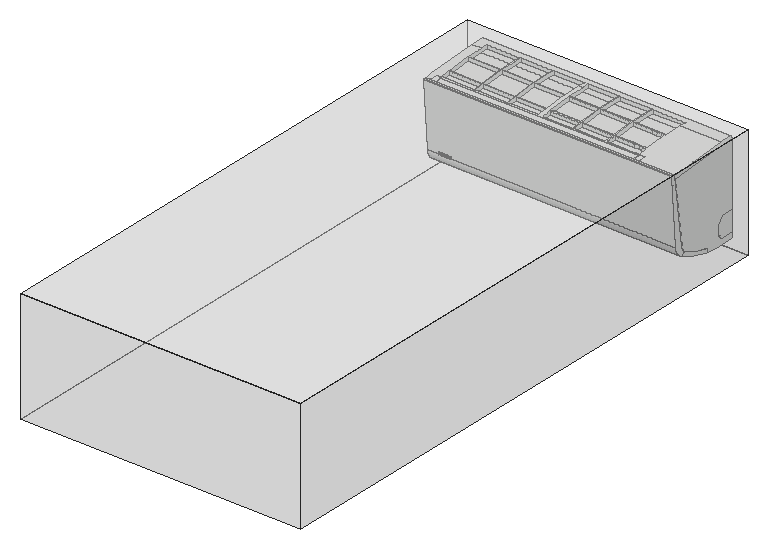
Revit family "outputfile", category 機械設備, Revit 2024
Family settings
  丸型コネクタ寸法 = 半径を使用
  パーツ タイプ = 標準
  OmniClass 番号 = 23.75.10.24.21.27.27
  OmniClass タイトル = Split System Air Conditioning Units
  作業面ベース = いいえ
  常に垂直 = はい
  ロード時にボイドで切り取り = いいえ
  注釈の向きを維持 = いいえ
  共有 = いいえ
  部屋計算ポイント = いいえ
Parameters (values of type "FTKF35DVA")
  Description = ""
  書き出し IFC クラス(タイプ) = "IfcUnitaryEquipmentType"
  定義済み IFC タイプ(タイプ) = "AIRCONDITIONINGUNIT"
  Cost = 0
  Type Comments = ""
  Keynote = ""
  Type Image = (empty or 0)
  Assembly Code = ""
  switch_frequency = yes
  lw_connection [instance] = if(Width = 730.0 mm, 85.0 mm, if(Width = 770.0 mm, 48.0 mm, 60.0 mm))  # 48.0 mm
  製造元 = "Daikin"
  モデル = "FTKF35DVA"
  r_Liquid Pipe Size = Liquid Pipe Size / 2  # 3.2 mm
  r_Gas Pipe Size = Gas Pipe Size / 2  # 4.75 mm
  r_Drain Pipe Size = Drain Pipe Size / 2  # 9.55 mm
  lw_powersupply [instance] = if(Width = 730.0 mm, if(or(Rear Right Connection_refrigerant, Bottom Right Connection_refrigerant), 65.0 mm, if(or(Rear Left Connection_refrigerant, Bottom Left Connection_refrigerant), 695.0 mm, 400.0 mm)), if(Width = 770.0 mm, if(or(Rear Right Connection_refrigerant, Bottom Right Connection_refrigerant), 68.0 mm, if(or(Rear Left Connection_refrigerant, Bottom Left Connection_refrigerant), 705.0 mm, 400.0 mm)), if(or(Rear Right Connection_refrigerant, Bottom Right Connection_refrigerant), 83.0 mm, if(or(Rear Left Connection_refrigerant, Bottom Left Connection_refrigerant), 928.0 mm, 400.0 mm))))  # 400.0 mm
  lw_liquidpipe [instance] = if(Width = 730.0 mm, if(or(Rear Right Connection_refrigerant, Bottom Right Connection_refrigerant), 0.0 mm, if(or(Rear Left Connection_refrigerant, Bottom Left Connection_refrigerant), 582.0 mm, 473.0 mm)), if(Width = 770.0 mm, if(or(Rear Right Connection_refrigerant, Bottom Right Connection_refrigerant), 0.0 mm, if(or(Rear Left Connection_refrigerant, Bottom Left Connection_refrigerant), 682.0 mm, 385.0 mm)), if(or(Rear Right Connection_refrigerant, Bottom Right Connection_refrigerant), 10.0 mm, if(or(Rear Left Connection_refrigerant, Bottom Left Connection_refrigerant), 858.0 mm, 435.0 mm))))  # 385.0 mm
  lw_gaspipe [instance] = if(Width = 730.0 mm, if(or(Rear Right Connection_refrigerant, Bottom Right Connection_refrigerant), 0.0 mm, if(or(Rear Left Connection_refrigerant, Bottom Left Connection_refrigerant), 576.0 mm, 428.0 mm)), if(Width = 770.0 mm, if(or(Rear Right Connection_refrigerant, Bottom Right Connection_refrigerant), 0.0 mm, if(or(Rear Left Connection_refrigerant, Bottom Left Connection_refrigerant), 675.0 mm, 335.0 mm)), if(or(Rear Right Connection_refrigerant, Bottom Right Connection_refrigerant), 0.0 mm, if(or(Rear Left Connection_refrigerant, Bottom Left Connection_refrigerant), 851.0 mm, 400.0 mm))))  # 335.0 mm
  lw_drainpipe [instance] = if(Width = 730.0 mm, if(or(Rear Right Connection_refrigerant, Bottom Right Connection_refrigerant), 0.0 mm, if(or(Rear Left Connection_refrigerant, Bottom Left Connection_refrigerant), 590.0 mm, 488.0 mm)), if(Width = 770.0 mm, if(or(Rear Right Connection_refrigerant, Bottom Right Connection_refrigerant), 0.0 mm, if(or(Rear Left Connection_refrigerant, Bottom Left Connection_refrigerant), 695.0 mm, 440.0 mm)), if(or(Rear Right Connection_refrigerant, Bottom Right Connection_refrigerant), 0.0 mm, if(or(Rear Left Connection_refrigerant, Bottom Left Connection_refrigerant), 888.0 mm, 475.0 mm))))  # 440.0 mm
  l_powersupply_length [instance] = if(Width = 730.0 mm, if(Right Connection_refrigerant, 400.0 mm, if(Left Connection_refrigerant, 330.0 mm, if(or(Bottom Left Connection_refrigerant, Bottom Right Connection_refrigerant), 57.0 mm, if(or(Rear Left Connection_refrigerant, Rear Right Connection_refrigerant), 15.0 mm, 50.0 mm)))), if(Width = 770.0 mm, if(Right Connection_refrigerant, 400.0 mm, if(Left Connection_refrigerant, 370.0 mm, if(or(Bottom Left Connection_refrigerant, Bottom Right Connection_refrigerant), 57.0 mm, if(or(Rear Left Connection_refrigerant, Rear Right Connection_refrigerant), 15.0 mm, 50.0 mm)))), if(Right Connection_refrigerant, 400.0 mm, if(Left Connection_refrigerant, 590.0 mm, if(or(Bottom Left Connection_refrigerant, Bottom Right Connection_refrigerant), 57.0 mm, if(or(Rear Left Connection_refrigerant, Rear Right Connection_refrigerant), 15.0 mm, 50.0 mm))))))  # 400.0 mm
  l_liquidpipe_length [instance] = if(Width = 730.0 mm, if(Right Connection_refrigerant, 558.0 mm, if(Left Connection_refrigerant, 172.0 mm, if(or(Bottom Left Connection_refrigerant, Bottom Right Connection_refrigerant), 48.0 mm, if(or(Rear Left Connection_refrigerant, Rear Right Connection_refrigerant), 30.0 mm, 40.0 mm)))), if(Width = 770.0 mm, if(Right Connection_refrigerant, 433.0 mm, if(Left Connection_refrigerant, 337.0 mm, if(or(Bottom Left Connection_refrigerant, Bottom Right Connection_refrigerant), 48.0 mm, if(or(Rear Left Connection_refrigerant, Rear Right Connection_refrigerant), 30.0 mm, 40.0 mm)))), if(Right Connection_refrigerant, 495.0 mm, if(Left Connection_refrigerant, 495.0 mm, if(or(Bottom Left Connection_refrigerant, Bottom Right Connection_refrigerant), 48.0 mm, if(or(Rear Left Connection_refrigerant, Rear Right Connection_refrigerant), 30.0 mm, 40.0 mm))))))  # 433.0 mm
  l_gaspipe_length [instance] = if(Width = 730.0 mm, if(Right Connection_refrigerant, 513.0 mm, if(Left Connection_refrigerant, 217.0 mm, if(or(Bottom Left Connection_refrigerant, Bottom Right Connection_refrigerant), 57.0 mm, if(or(Rear Left Connection_refrigerant, Rear Right Connection_refrigerant), 40.0 mm, 50.0 mm)))), if(Width = 770.0 mm, if(Right Connection_refrigerant, 383.0 mm, if(Left Connection_refrigerant, 387.0 mm, if(or(Bottom Left Connection_refrigerant, Bottom Right Connection_refrigerant), 57.0 mm, if(or(Rear Left Connection_refrigerant, Rear Right Connection_refrigerant), 40.0 mm, 50.0 mm)))), if(Right Connection_refrigerant, 460.0 mm, if(Left Connection_refrigerant, 530.0 mm, if(or(Bottom Left Connection_refrigerant, Bottom Right Connection_refrigerant), 57.0 mm, if(or(Rear Left Connection_refrigerant, Rear Right Connection_refrigerant), 40.0 mm, 50.0 mm))))))  # 383.0 mm
  l_drainpipe_length [instance] = if(Width = 730.0 mm, if(Right Connection_refrigerant, 573.0 mm, if(Left Connection_refrigerant, 157.0 mm, if(or(Bottom Left Connection_refrigerant, Bottom Right Connection_refrigerant), 35.0 mm, if(or(Rear Left Connection_refrigerant, Rear Right Connection_refrigerant), 15.0 mm, 20.0 mm)))), if(Width = 770.0 mm, if(Right Connection_refrigerant, 488.0 mm, if(Left Connection_refrigerant, 282.0 mm, if(or(Bottom Left Connection_refrigerant, Bottom Right Connection_refrigerant), 35.0 mm, if(or(Rear Left Connection_refrigerant, Rear Right Connection_refrigerant), 15.0 mm, 20.0 mm)))), if(Right Connection_refrigerant, 535.0 mm, if(Left Connection_refrigerant, 455.0 mm, if(or(Bottom Left Connection_refrigerant, Bottom Right Connection_refrigerant), 35.0 mm, if(or(Rear Left Connection_refrigerant, Rear Right Connection_refrigerant), 15.0 mm, 20.0 mm))))))  # 488.0 mm
  h*** = 0.0 mm  # constant formula
  connector_voltage = Voltage_60Hz  # 220 V
  connector_powerinput = [Power Input (Cooling)]  # 0.000 kW
  connector_phase = Phase_60Hz  # 1
  angle_vertical [instance] = if(or(Bottom Left Connection_refrigerant, Bottom Right Connection_refrigerant), 0.00°, 90.00°)  # 90.00°
  angle_horizontal [instance] = if(Right Connection_refrigerant, 90.00°, if(Left Connection_refrigerant, -90.00°, if(or(Rear Left Connection_refrigerant, Rear Right Connection_refrigerant), 180.00°, 0.00°)))  # 90.00°
  Width = 770.0 mm
  Voltage_comment_60Hz = "220"
  Voltage_60Hz = 220 V
  Version = "ver.1.0"
  Unit Type = "Wall Mounted"
  Unit Mass Weight = 9.00 kg
  Unit Designation [instance] = ""
  Uniclass2015Version = "Products v1.30"
  Uniclass2015Title = "Split coil room air conditioning units"
  Uniclass2015Code = "Pr_70_65_03_86"
  URL = ""
  Total Cooling Capacity [instance] = 0.000 kW
  Sound Pressure Level_M speed (dBA) = 34
  Sound Pressure Level_L speed (dBA) = 26
  Sound Pressure Level_H speed (dBA) = 39
  Sound Power Level_H speed (dB) = 0
  Series = "Single Split_Fan Coil Unit"
  Sensible Cooling Capacity [instance] = 0.000 kW
  Refrigerant Type = "R32"
  Power Input (Cooling) = 0.000 kW
  Phase_60Hz = 1
  Option Accessory 3 [instance] = ""
  Option Accessory 2 [instance] = ""
  Option Accessory 1 [instance] = ""
  Nominal Cooling Capacity = 3.600 kW
  Minimum Circuit Amps_60Hz = 0.0 A
  Minimum Airflow = 425.00 m³/h
  Median Airflow = 561.00 m³/h
  Maximum Fuse Amps_60Hz = 0.0 A
  Maximum Airflow = 680.00 m³/h
  Material_Casing = DAIKIN_White_Casing_indoorunit
  Load Classification = HVAC
  Liquid Pipe Size = 6.4 mm
  Link_Nested Family [instance] = ""
  IfcVersion = ""
  IfcExportType = "AIRCONDITIONINGUNIT"
  IfcExportAs = "IfcUnitaryEquipmentType"
  Height = 288.0 mm
  Heat Exchanger Type = "Cross Fin Coil"
  Gas Pipe Size = 9.5 mm
  Frequency_60Hz = 60 Hz
  Fan Type = "Cross Flow Fan"
  Fan Drive = "Direct Drive"
  FCU Tag No. [instance] = ""
  Drain Pipe Size = 19.1 mm
  Design Supply Airflow [instance] = 0.00 m³/h
  Depth = 234.0 mm
  既定の高さ = 0.0 mm
  Cooling Entering Wet Bulb Temperature [instance] = 0.00 °C
  Cooling Entering Dry Bulb Temperature [instance] = 0.00 °C
  Cooling Ambient Wet Bulb Temperature [instance] = 0.00 °C
  Cooling Ambient Dry Bulb Temperature [instance] = 0.00 °C
  Clearance visibility [instance] = yes
  Clearance Top = 30.0 mm
  Clearance Right = 50.0 mm
  Clearance Rear = 0.0 mm
  Clearance Left = 50.0 mm
  Clearance Front = 1500.0 mm
  Clearance Bottom = 30.0 mm
  Bottom Right Connection_refrigerant [instance] = no
  Bottom Left Connection_refrigerant [instance] = no
  Rear Right Connection_refrigerant [instance] = no
  Rear Left Connection_refrigerant [instance] = no
  Right Connection_refrigerant [instance] = yes
  Left Connection_refrigerant [instance] = no
Reference planes
  plane 1 "Back": y = 0
  plane 2: z = 0
  plane 3 "Center (Left/Right)": x = 0
  plane 4 "Center (Front/Back)": y = -117
  plane 5 "Front": y = -234
  plane 6 "Left": x = -385
  plane 7 "Right": x = 385
  plane 8 "Top": z = 0
  plane 9 "Bottom": z = -288
  plane 10 "Front panel_Left": x = -383
  plane 11 "Front panel_Right": x = 383
  plane 12: x = 249
  plane 13: x = 244
  plane 14: x = -435
  plane 15: x = 435
  plane 16: y = 0
  plane 17: y = -213
  plane 18: z = 30
  plane 19: z = -318
  plane 20 "lw_Piping and Wiring intake": x = 337
  plane 21 "lw_gaspipe": x = 2
  plane 22 "lw_liquidpipe": x = -48
  plane 23 "lw_drainpipe": x = -103
  plane 24 "lh_drainpipe": z = -253
  plane 25 "lh_liquidpipe": z = -240
  plane 26 "lh_gaspipe": z = -231
  plane 27 "ld_drainpipe": y = -15
  plane 28 "ld_liquidpipe": y = -30
  plane 29 "ld_gaspipe": y = -40
  plane 30 "lw_powersupply": x = -15
  plane 31: y = -1734
Dimensions and locks
  equal spacing: plane 6 "Left", plane 3 "Center (Left/Right)", plane 7 "Right"
  "Width": plane 6 "Left" to plane 7 "Right"
  equal spacing: plane 5 "Front", plane 4 "Center (Front/Back)", plane 1 "Back"
  "Depth": plane 5 "Front" to plane 1 "Back"
  "Height": plane 8 "Top" to plane 9 "Bottom"
  locked: plane 10 "Front panel_Left" to plane 6 "Left" at 2
  locked: plane 7 "Right" to plane 11 "Front panel_Right" at 2
  locked: plane 7 "Right" to plane 12 at 136
  locked: plane 12 to plane 13 at 5
  "Clearance Rear": plane 16 to plane 1 "Back"
  "Clearance Top": plane 18 to plane 8 "Top"
  "Clearance Bottom": plane 9 "Bottom" to plane 19
  "lw_connection": plane 20 "lw_Piping and Wiring intake" to plane 7 "Right"
  "lw_gaspipe": plane 21 "lw_gaspipe" to plane 20 "lw_Piping and Wiring intake"
  "lw_liquidpipe": plane 22 "lw_liquidpipe" to plane 20 "lw_Piping and Wiring intake"
  "lw_drainpipe": plane 23 "lw_drainpipe" to plane 20 "lw_Piping and Wiring intake"
  locked: plane 24 "lh_drainpipe" to plane 9 "Bottom" at 35
  locked: plane 25 "lh_liquidpipe" to plane 9 "Bottom" at 48
  locked: plane 26 "lh_gaspipe" to plane 9 "Bottom" at 57
  locked: plane 27 "ld_drainpipe" to plane 1 "Back" at 15
  locked: plane 1 "Back" to plane 28 "ld_liquidpipe" at 30
  locked: plane 1 "Back" to plane 29 "ld_gaspipe" at 40
  "lw_powersupply": plane 30 "lw_powersupply" to plane 7 "Right"
  "Clearance Right": plane 7 "Right" to plane 15
  "Clearance Left": plane 14 to plane 6 "Left"
  "Clearance Front": plane 5 "Front" to plane 31
  aligned and locked: level to plane 2
  aligned and locked: plane 16 to nested 1
  aligned and locked: nested 1 to plane 14
  aligned and locked: nested 1 to plane 15
  aligned and locked: plane 19 to nested 1
  aligned and locked: plane 18 to nested 1
  aligned and locked: plane 21 "lw_gaspipe" to nested 2
  aligned and locked: nested 2 to plane 29 "ld_gaspipe"
  aligned and locked: plane 22 "lw_liquidpipe" to nested 3
  aligned and locked: nested 3 to plane 28 "ld_liquidpipe"
  aligned and locked: plane 23 "lw_drainpipe" to nested 4
  aligned and locked: nested 4 to plane 27 "ld_drainpipe"
  aligned and locked: nested 5 to plane 27 "ld_drainpipe"
  aligned and locked: plane 30 "lw_powersupply" to nested 5
  aligned and locked: level to plane 8 "Top"
  aligned and locked: nested 1 to plane 31
Nested families
  nested 1: "daikin_clearancespace" at (0, -867, -143.881), show <- "Clearance visibility", visible <- "Clearance visibility", Link_Nested Family <- "Link_Nested Family", type "daikin_clearancespace"
    with width 870.0 mm, show yes, height 348.0 mm, depth 1734.0 mm, Link_Nested Family ""
  nested 2: "daikin_connector_rotate3" at (2, -40, -231), angle_vertical <- "angle_vertical", angle_horizontal <- "angle_horizontal", length <- "l_gaspipe_length", radius <- "r_Gas Pipe Size", type "daikin_connector_rotate3"
    with show no, radius 4.75 mm, length 383.0 mm, angle_vertical 90.00°, angle_horizontal 90.00°
  nested 3: "daikin_connector_rotate3" at (-48, -30, -240), angle_vertical <- "angle_vertical", angle_horizontal <- "angle_horizontal", radius <- "r_Liquid Pipe Size", length <- "l_liquidpipe_length", type "daikin_connector_rotate3"
    with show no, radius 3.2 mm, length 433.0 mm, angle_vertical 90.00°, angle_horizontal 90.00°
  nested 4: "daikin_connector_rotate3" at (-103, -15, -253), angle_vertical <- "angle_vertical", angle_horizontal <- "angle_horizontal", length <- "l_drainpipe_length", radius <- "r_Drain Pipe Size", type "daikin_connector_rotate3"
    with show no, radius 9.55 mm, length 488.0 mm, angle_vertical 90.00°, angle_horizontal 90.00°
  nested 5: "daikin_connector_rotate3" at (-15, -15, -231), angle_vertical <- "angle_vertical", angle_horizontal <- "angle_horizontal", length <- "l_powersupply_length", type "daikin_connector_rotate3"
    with show no, radius 10.0 mm, length 400.0 mm, angle_vertical 90.00°, angle_horizontal 90.00°
  nested 6: "DAIKIN_indoorunit_FTKF-DVA" at (-31, 0, 0), type "FTKF-DVA"
    with switch_unit1_35-50 yes, switch_unit1_20-25 no, Width 770.0 mm, WALL HOLE-R 48.0 mm, Height 288.0 mm
Connectors
  piping at (385, -40, -231), diameter 9.5, driven by "r_Gas Pipe Size"
    settings: on nested 2, index 1, connector inside diameter 609.6 mm, connector length 0.0 mm, flow factor 0, pipe flow 0.00 m³/h, pressure drop 0.0 Pa, fitting loss kfactor 0, connector angle 0.00°, fixture units 0, engagement length 0.0 mm, angle of deflection 0.00°, flow configuration 1, flow direction 2, fitting loss method 0, system type 29, joint type 0, gender type 0, connector reference index -1, connector utility 0, adjustable connector no, is connector primary yes, connector description "Refrigerant Gas Piping"
  piping at (385, -30, -240), diameter 6.4, driven by "r_Liquid Pipe Size"
    settings: on nested 3, index 2, connector inside diameter 609.6 mm, connector length 0.0 mm, flow factor 0, pipe flow 0.00 m³/h, pressure drop 0.0 Pa, fitting loss kfactor 0, connector angle 0.00°, fixture units 0, engagement length 0.0 mm, angle of deflection 0.00°, flow configuration 1, flow direction 1, fitting loss method 0, system type 29, joint type 0, gender type 0, connector reference index -1, connector utility 0, adjustable connector no, is connector primary no, connector description "Refrigerant Liquid Piping"
  piping at (385, -15, -253), diameter 19.1, driven by "r_Drain Pipe Size"
    settings: on nested 4, index 3, connector inside diameter 609.6 mm, connector length 0.0 mm, flow factor 0, pipe flow 0.00 m³/h, pressure drop 0.0 Pa, fitting loss kfactor 0, connector angle 0.00°, fixture units 0, engagement length 0.0 mm, angle of deflection 0.00°, flow configuration 1, flow direction 2, fitting loss method 4, system type 16, joint type 0, gender type 0, connector reference index -1, connector utility 0, adjustable connector no, is connector primary no, connector description "Condensate Drain Piping"
  electrical at (385, -15, -231), driven by "Load Classification", driven by "connector_voltage", driven by "connector_phase", driven by "connector_powerinput"
    settings: on nested 5, index 4, voltage 220 V, apparent load 0 VA, apparent load phase1 0 VA, apparent load phase2 0 VA, apparent load phase3 0 VA, power factor 1, load classification "HVAC", number of poles 1, system type 30, power factor state 1, is connector primary yes, connector utility no, sub classification motor no, connector description "Power Supply"
Definition of nested family "daikin_clearancespace"
  Parameters (values of type "daikin_clearancespace")
    Description = "daikin_clearancespace"
    width [instance] = 1823.963 mm
    show [instance] = yes
    material = none
    height [instance] = 1359.762 mm
    depth [instance] = 880.0 mm
    Default Elevation = 0.0 mm
    Link_Nested Family [instance] = ""
  Reference planes
    plane 1 "Center (Front/Back)": y = 0
    plane 2 "Center (Elevation)": z = -0.119
    plane 3 "Center (Left/Right)": x = 0
    plane 4: y = 440
    plane 5: y = -440
    plane 6 "Right": x = 911.982
    plane 7 "Left": x = -911.982
    plane 8 "Top": z = 679.762
    plane 9 "Bottom": z = -680
  Forms (mm)
    Extrusion 1, solid, material <- "material", visible <- "show"
      sketch origin (0, 0, 0) x (1, 0, 0) y (0, 1, 0)
        loop
          line (-911.982, 440) -> (-911.982, -440) -> (911.982, -440) -> (911.982, 440) -> (-911.982, 440)
      from -680 to 679.762
  Lines and regions (mm)
    symbolic lines, visible <- "show"
      curve 1: line (911.982, 440, 0) -> (-911.982, 440, 0)
      curve 2: line (-911.982, 440, 0) -> (-911.982, -440, 0)
      curve 3: line (-911.982, -440, 0) -> (911.982, -440, 0)
      curve 4: line (911.982, -440, 0) -> (911.982, 440, 0)
      curve 5: line (911.982, 0, 679.762) -> (-911.982, 0, 679.762)
      curve 6: line (911.982, 0, -680) -> (911.982, 0, 679.762)
      curve 7: line (-911.982, 0, -680) -> (911.982, 0, -680)
      curve 8: line (-911.982, 0, 679.762) -> (-911.982, 0, -680)
      curve 9: line (0, 440, 679.762) -> (0, -440, 679.762)
      curve 10: line (0, -440, 679.762) -> (0, -440, -680)
      curve 11: line (0, 440, -680) -> (0, 440, 679.762)
      curve 12: line (0, -440, -680) -> (0, 440, -680)
  Dimensions and locks
    "width": plane 7 "Left" to plane 6 "Right"
    "depth": plane 4 to plane 5
    "height": plane 8 "Top" to plane 9 "Bottom"
    equal spacing: plane 7 "Left", plane 3 "Center (Left/Right)", plane 6 "Right"
    equal spacing: plane 4, plane 1 "Center (Front/Back)", plane 5
    equal spacing: plane 8 "Top", plane 2 "Center (Elevation)", plane 9 "Bottom"
    aligned and locked: level to plane 2 "Center (Elevation)"
    aligned and locked: Extrusion 1 sketch curve to plane 4
    aligned and locked: plane 7 "Left" to Extrusion 1 sketch curve
    aligned and locked: Extrusion 1 sketch curve to plane 5
    aligned and locked: Extrusion 1 sketch curve to plane 6 "Right"
    aligned and locked: plane 8 "Top" to Extrusion 1
    aligned and locked: curve 1 to Extrusion 1
    aligned and locked: curve 2 to Extrusion 1
    aligned and locked: curve 3 to Extrusion 1
    aligned and locked: curve 4 to Extrusion 1
    aligned and locked: curve 5 to Extrusion 1
    aligned and locked: curve 6 to Extrusion 1
    aligned and locked: curve 7 to Extrusion 1
    aligned and locked: curve 8 to Extrusion 1
    aligned and locked: curve 9 to Extrusion 1
    aligned and locked: curve 10 to Extrusion 1
    aligned and locked: curve 11 to Extrusion 1
    aligned and locked: curve 12 to Extrusion 1
    aligned and locked: Extrusion 1 to plane 9 "Bottom"
Definition of nested family "DAIKIN_indoorunit_FTKF-DVA"
  Parameters (values of type "FTKF-DVA")
    switch_unit1_60-71 = Width = 990.0 mm  # no
    switch_unit1_35-50 = Width = 770.0 mm  # no
    switch_unit1_20-25 = Width = 730.0 mm  # yes
    Width = 730.0 mm
    WALL HOLE-R = if(Width = 730.0 mm, 79.0 mm, 48.0 mm)  # 79.0 mm
    Material_Casing = none
    Height = if(Width = 730.0 mm, 280.0 mm, if(Width = 770.0 mm, 288.0 mm, 297.0 mm))  # 280.0 mm
    Default Elevation = 0.0 mm
  Reference planes
    plane 1 "Center (Front/Back)": y = 0
    plane 2 "reference_level": z = 0
    plane 3 "Center (Left/Right)": x = 31
    plane 4: x = -334
    plane 5: x = 396
    plane 6: z = -280
  Forms (mm)
    Extrusion 1, solid, material <- "Material_Casing", visible <- "switch_unit1_20-25"
      sketch origin (31, 0, 0) x (0, 1, 0) y (0, 0, 1)
        loop
          line (-109.519, -8) -> (-2.596, -8) -> (-8.198, 0) -> (-109.608, 0)
          arc (-109.608, 0) -> (-157.226, -5.2) -> (-202.599, -20.555) r 220.623
          line (-202.599, -20.555) -> (-202.447, -29.25)
          arc (-202.447, -29.25) -> (-157.182, -13.38) -> (-109.519, -8) r 213.82
      from -365 to 365
    Extrusion 2, solid, material <- "Material_Casing", visible <- "switch_unit1_20-25"
      sketch origin (416, 1304.033, 1200.206) x (0, 1, 0) y (0, 0, 1)
        loop
          arc (-1496.513, -1423.164) -> (-1487.225, -1434.204) -> (-1476.373, -1443.711) r 95
          arc (-1476.373, -1443.711) -> (-1448.371, -1461.92) -> (-1418.191, -1476.232) r 250
          line (-1418.191, -1476.232) -> (-1418.191, -1465.318)
          arc (-1418.191, -1465.318) -> (-1445.052, -1452.134) -> (-1470.063, -1435.711) r 240
          arc (-1470.063, -1435.711) -> (-1477.766, -1429.186) -> (-1484.641, -1421.794) r 85
          line (-1484.641, -1421.794) -> (-1496.513, -1423.164)
      from -20 to -177
    Extrusion 3, solid, material <- "Material_Casing", visible <- "switch_unit1_20-25"
      sketch origin (31, 0, 0) x (0, 1, 0) y (0, 0, 1)
        loop
          line (-202.769, -10.816) -> (-211.618, -13.692)
          arc (-211.618, -13.692) -> (-212.628, -14.432) -> (-213, -15.629) r 2
          line (-213, -15.629) -> (-210.348, -167.5)
          arc (-210.348, -167.5) -> (-206.029, -195.818) -> (-193.465, -221.562) r 95
          line (-193.465, -221.562) -> (-181.653, -220.199)
          arc (-181.653, -220.199) -> (-195.31, -195.356) -> (-200.037, -167.403) r 85
          line (-200.037, -167.403) -> (-202.769, -10.816)
      from -365 to 365
    Extrusion 4, solid, material <- "Material_Casing", visible <- "switch_unit1_20-25"
      sketch origin (31, 0, 0) x (0, 1, 0) y (0, 0, 1)
        loop
          line (0, -280) -> (0, -11.707) -> (-2.596, -8) -> (-109.519, -8)
          arc (-109.519, -8) -> (-156.378, -13.198) -> (-200.959, -28.539) r 213.82
          line (-200.959, -28.539) -> (-198.537, -167.295)
          arc (-198.537, -167.295) -> (-189.766, -204.754) -> (-165.131, -234.305) r 83.5
          arc (-165.131, -234.305) -> (-139.841, -250.873) -> (-112.659, -264.109) r 238.5
          line (-112.659, -264.109) -> (-112.659, -276.338)
          arc (-112.659, -276.338) -> (-100.834, -279.079) -> (-88.731, -280) r 80
          line (-88.731, -280) -> (0, -280)
      from -365 to 365
    Extrusion 5, solid, material <- "Material_Casing", visible <- "switch_unit1_20-25"
      sketch origin (-354, 1304.033, 1200.206) x (0, 1, 0) y (0, 0, 1)
        loop
          arc (-1496.513, -1423.164) -> (-1487.225, -1434.204) -> (-1476.373, -1443.711) r 95
          arc (-1476.373, -1443.711) -> (-1448.371, -1461.92) -> (-1418.191, -1476.232) r 250
          line (-1418.191, -1476.232) -> (-1418.191, -1465.318)
          arc (-1418.191, -1465.318) -> (-1445.052, -1452.134) -> (-1470.063, -1435.711) r 240
          arc (-1470.063, -1435.711) -> (-1477.766, -1429.186) -> (-1484.641, -1421.794) r 85
          line (-1484.641, -1421.794) -> (-1496.513, -1423.164)
      from 72 to 20
    Extrusion 6, solid, material <- "Material_Casing", visible <- "switch_unit1_20-25"
      sketch origin (31, 7.782, 0.206) x (0, 1, 0) y (0, 0, 1)
        loop
          line (-188.39, -221.794) -> (-200.262, -223.164)
          arc (-200.262, -223.164) -> (-190.975, -234.204) -> (-180.122, -243.711) r 95
          arc (-180.122, -243.711) -> (-152.12, -261.92) -> (-121.941, -276.232) r 250
          line (-121.941, -276.232) -> (-121.941, -265.318)
          arc (-121.941, -265.318) -> (-148.801, -252.134) -> (-173.813, -235.711) r 240
          arc (-173.813, -235.711) -> (-181.515, -229.186) -> (-188.39, -221.794) r 85
      from 204 to -309
    Extrusion 7, void
      sketch origin (31, 0, -235) x (1, 0, 0) y (0, 1, 0)
        loop
          line (-324.633, -72.419) -> (-304, -73.5) -> (-234.9, -73.5) -> (-234.9, -24.5) -> (-324.633, -24.5) -> (-324.633, -72.419)
        loop
          line (-304, -74.9) -> (-324.633, -75.939) -> (-324.633, -139.819) -> (-304, -140.9) -> (-234.9, -140.9) -> (-234.9, -74.9) -> (-304, -74.9)
        loop
          line (-304, -142.3) -> (-324.633, -143.326) -> (-324.633, -182.209) -> (-300, -183.5) -> (-234.9, -183.5) -> (-234.9, -142.3) -> (-304, -142.3)
        loop
          line (-233.5, -142.3) -> (-233.5, -183.5) -> (-146.9, -183.5) -> (-146.9, -142.3) -> (-233.5, -142.3)
        loop
          line (-233.5, -140.9) -> (-146.9, -140.9) -> (-146.9, -74.9) -> (-233.5, -74.9) -> (-233.5, -140.9)
        loop
          line (-233.5, -73.5) -> (-146.9, -73.5) -> (-146.9, -24.5) -> (-233.5, -24.5) -> (-233.5, -73.5)
        loop
          line (-145.5, -73.5) -> (-74.9, -73.5) -> (-54.9, -72.452) -> (-54.9, -24.5) -> (-145.5, -24.5) -> (-145.5, -73.5)
        loop
          line (-145.5, -74.9) -> (-145.5, -140.9) -> (-74.9, -140.9) -> (-54.9, -139.852) -> (-54.9, -75.948) -> (-74.9, -74.9) -> (-145.5, -74.9)
        loop
          line (-145.5, -142.3) -> (-145.5, -183.5) -> (-74.9, -183.5) -> (-54.9, -182.452) -> (-54.9, -143.348) -> (-74.9, -142.3) -> (-145.5, -142.3)
        loop
          line (-53.5, -24.5) -> (-53.5, -72.452) -> (-33.5, -73.5) -> (36.5, -73.5) -> (36.5, -24.5) -> (-53.5, -24.5)
        loop
          line (-53.5, -75.948) -> (-53.5, -139.852) -> (-33.5, -140.9) -> (36.5, -140.9) -> (36.5, -74.9) -> (-33.5, -74.9) -> (-53.5, -75.948)
        loop
          line (-33.5, -142.3) -> (-53.5, -143.348) -> (-53.5, -182.452) -> (-33.5, -183.5) -> (36.5, -183.5) -> (36.5, -142.3) -> (-33.5, -142.3)
        loop
          line (37.9, -24.5) -> (37.9, -73.5) -> (124.9, -73.5) -> (124.9, -24.5) -> (37.9, -24.5)
        loop
          line (37.9, -74.9) -> (37.9, -140.9) -> (124.9, -140.9) -> (124.9, -74.9) -> (37.9, -74.9)
        loop
          line (37.9, -142.3) -> (37.9, -183.5) -> (124.9, -183.5) -> (124.9, -142.3) -> (37.9, -142.3)
        loop
          line (126.3, -24.5) -> (126.3, -73.5) -> (195.6, -73.5) -> (216, -72.431) -> (216, -24.5) -> (126.3, -24.5)
        loop
          line (126.3, -74.9) -> (126.3, -140.9) -> (198.5, -140.9) -> (216, -139.983) -> (216, -75.817) -> (198.5, -74.9) -> (126.3, -74.9)
        loop
          line (126.3, -142.3) -> (126.3, -183.5) -> (198.337, -183.5) -> (216, -182.623) -> (216, -143.217) -> (198.5, -142.3) -> (126.3, -142.3)
      from 201.638 to 250
    Extrusion 8, solid, material <- "Material_Casing"
      sketch origin (31, 0, 0) x (1, 0, 0) y (0, 0, 1)
        loop
          circle (286, -235) r 40
        loop
          circle (-317, -235) r 40
      from 0 to 5
    Extrusion 9, solid, material <- "Material_Casing", visible <- "switch_unit1_20-25"
      sketch origin (396, 1296.25, 1200) x (0, -1, 0) y (0, 0, 1)
        loop
          line (1326.25, -1413) -> (1296.25, -1413) -> (1296.25, -1473) -> (1326.25, -1473)
          arc (1326.25, -1473) -> (1340.393, -1467.142) -> (1346.25, -1453) r 20
          line (1346.25, -1453) -> (1346.25, -1433)
          arc (1346.25, -1433) -> (1340.393, -1418.858) -> (1326.25, -1413) r 20
      from 0 to 5
    Extrusion 10, solid, material <- "Material_Casing", visible <- "switch_unit1_20-25"
      sketch origin (-334, 1296.25, 1200) x (0, 1, 0) y (0, 0, 1)
        loop
          line (-1296.25, -1413) -> (-1326.25, -1413)
          arc (-1326.25, -1413) -> (-1340.393, -1418.858) -> (-1346.25, -1433) r 20
          line (-1346.25, -1433) -> (-1346.25, -1453)
          arc (-1346.25, -1453) -> (-1340.393, -1467.142) -> (-1326.25, -1473) r 20
          line (-1326.25, -1473) -> (-1296.25, -1473) -> (-1296.25, -1413)
      from 0 to 5
    Extrusion 11, solid, material <- "Material_Casing", visible <- "switch_unit1_20-25"
      sketch origin (11, 0, -285) x (-1, 0, 0) y (0, -1, 0)
        loop
          line (-279, 0) -> (-279, 30)
          arc (-279, 30) -> (-284.419, 43.081) -> (-297.5, 48.5) r 18.5
          line (-297.5, 48.5) -> (-320.5, 48.5)
          arc (-320.5, 48.5) -> (-333.581, 43.081) -> (-339, 30) r 18.5
          line (-339, 30) -> (-339, 0) -> (-279, 0)
        loop
          line (326, 0) -> (326, 30)
          arc (326, 30) -> (320.581, 43.081) -> (307.5, 48.5) r 18.5
          line (307.5, 48.5) -> (284.5, 48.5)
          arc (284.5, 48.5) -> (271.419, 43.081) -> (266, 30) r 18.5
          line (266, 30) -> (266, 0) -> (326, 0)
      from 10 to 5
    Extrusion 12, solid, material <- "Material_Casing", visible <- "switch_unit1_35-50"
      sketch origin (31, 0, 0) x (0, 1, 0) y (0, 0, 1)
        loop
          line (-5, 0) -> (-45.84, 0)
          arc (-45.84, 0) -> (-135.906, -3.965) -> (-225.275, -15.831) r 1024.823
          arc (-225.275, -15.831) -> (-224.639, -21.302) -> (-223.878, -26.758) r 241.564
          arc (-223.878, -26.758) -> (-135.207, -14.947) -> (-45.84, -11) r 1013.66
          line (-45.84, -11) -> (0, -11) -> (0, -9.02) -> (-5, 0)
      from -385 to 385
    Extrusion 13, solid, material <- "Material_Casing", visible <- "switch_unit1_35-50"
      sketch origin (31, 0, 0) x (0, 1, 0) y (0, 0, 1)
        loop
          arc (-226.673, -12.416) -> (-229.519, -12.929) -> (-232.363, -13.449) r 1025.776
          arc (-232.363, -13.449) -> (-233.586, -14.198) -> (-233.994, -15.573) r 2
          line (-233.994, -15.573) -> (-218.08, -217.408)
          arc (-218.08, -217.408) -> (-211.296, -237.286) -> (-195.807, -251.472) r 42.415
          line (-195.807, -251.472) -> (-186.556, -243.946)
          arc (-186.556, -243.946) -> (-193.981, -235.221) -> (-197.648, -224.366) r 30.386
          line (-197.648, -224.366) -> (-226.673, -12.416)
      from -385 to 385
    Extrusion 14, void
      sketch origin (33, 0, 0) x (1, 0, 0) y (0, 1, 0)
        loop
          line (-357.499, -23.5) -> (-357.499, -96.7) -> (-255.999, -96.7) -> (-255.999, -23.5) -> (-357.499, -23.5)
        loop
          line (-255.999, -99.1) -> (-357.499, -99.1) -> (-357.499, -170.1) -> (-255.999, -170.1) -> (-255.999, -99.1)
        loop
          line (-255.999, -171.7) -> (-357.499, -171.7) -> (-357.499, -201.7) -> (-255.999, -201.7) -> (-255.999, -171.7)
        loop
          line (-253.399, -23.5) -> (-253.399, -96.7) -> (-153.899, -96.7) -> (-153.899, -23.5) -> (-253.399, -23.5)
        loop
          line (-253.399, -99.1) -> (-253.399, -170.1) -> (-153.899, -170.1) -> (-153.899, -99.1) -> (-253.399, -99.1)
        loop
          line (-153.899, -171.7) -> (-253.399, -171.7) -> (-253.399, -201.7) -> (-153.899, -201.7) -> (-153.899, -171.7)
        loop
          line (-56.549, -23.5) -> (-151.299, -23.5) -> (-151.299, -96.7) -> (-56.549, -96.7) -> (-56.549, -23.5)
        loop
          line (-151.299, -99.1) -> (-151.299, -170.1) -> (-56.549, -170.1) -> (-56.549, -99.1) -> (-151.299, -99.1)
        loop
          line (-56.549, -171.7) -> (-151.299, -171.7) -> (-151.299, -201.7) -> (-56.549, -201.7) -> (-56.549, -171.7)
        loop
          line (50.301, -23.5) -> (-44.549, -23.5) -> (-44.549, -96.7) -> (50.301, -96.7) -> (50.301, -23.5)
        loop
          line (-44.549, -99.1) -> (-44.549, -170.1) -> (50.301, -170.1) -> (50.301, -99.1) -> (-44.549, -99.1)
        loop
          line (50.301, -171.7) -> (-44.549, -171.7) -> (-44.549, -201.7) -> (50.301, -201.7) -> (50.301, -171.7)
        loop
          line (52.901, -23.5) -> (52.901, -96.7) -> (152.401, -96.7) -> (152.401, -23.5) -> (52.901, -23.5)
        loop
          line (52.901, -99.1) -> (52.901, -170.1) -> (152.401, -170.1) -> (152.401, -99.1) -> (52.901, -99.1)
        loop
          line (52.901, -171.7) -> (52.901, -201.7) -> (152.401, -201.7) -> (152.401, -171.7) -> (52.901, -171.7)
        loop
          line (155.001, -23.5) -> (155.001, -96.7) -> (256.501, -96.7) -> (256.501, -23.5) -> (155.001, -23.5)
        loop
          line (155.001, -99.1) -> (155.001, -170.1) -> (217.501, -170.1) -> (229.501, -170.1) -> (241.501, -170.1) -> (256.501, -170.1) -> (256.501, -152.1) -> (256.501, -134.1) -> (256.501, -116.1) -> (256.501, -99.1) -> (241.501, -99.1) -> (229.501, -99.1) -> (217.501, -99.1) -> (155.001, -99.1)
        loop
          line (155.001, -171.7) -> (155.001, -201.7) -> (217.501, -201.7) -> (229.501, -201.7) -> (241.501, -201.7) -> (256.501, -201.7) -> (256.501, -171.7) -> (241.501, -171.7) -> (229.501, -171.7) -> (217.501, -171.7) -> (155.001, -171.7)
      from -40.013 to 47.268
    Extrusion 15, solid, material <- "Material_Casing", visible <- "switch_unit1_35-50"
      sketch origin (-356, 1308.25, 1200) x (0, 1, 0) y (0, 0, -1)
        loop
          line (-1407.524, 1473.254) -> (-1407.524, 1484.154)
          arc (-1407.524, 1484.154) -> (-1456.679, 1472.122) -> (-1503.106, 1451.987) r 299.52
          line (-1503.106, 1451.987) -> (-1494.032, 1444.604)
          arc (-1494.032, 1444.604) -> (-1451.915, 1462.363) -> (-1407.524, 1473.254) r 288.723
      from -2 to -49.5
    Extrusion 16, solid, material <- "Material_Casing", visible <- "switch_unit1_35-50"
      sketch origin (418, 1308.25, 1200) x (0, 1, 0) y (0, 0, 1)
        loop
          arc (-1407.524, -1473.254) -> (-1451.915, -1462.363) -> (-1494.032, -1444.604) r 288.723
          line (-1494.032, -1444.604) -> (-1503.106, -1451.987)
          arc (-1503.106, -1451.987) -> (-1456.679, -1472.122) -> (-1407.524, -1484.154) r 299.52
          line (-1407.524, -1484.154) -> (-1407.524, -1473.254)
      from -2 to -119.5
    Extrusion 17, solid, material <- "Material_Casing", visible <- "switch_unit1_35-50"
      sketch origin (418, 1308.25, 1200) x (0, 1, 0) y (0, 0, 1)
        loop
          line (-1407.524, -1484.154) -> (-1407.524, -1473.254)
          arc (-1407.524, -1473.254) -> (-1451.915, -1462.363) -> (-1494.032, -1444.604) r 288.723
          line (-1494.032, -1444.604) -> (-1503.106, -1451.987)
          arc (-1503.106, -1451.987) -> (-1456.679, -1472.122) -> (-1407.524, -1484.154) r 299.52
      from -119.5 to -724.5
    Extrusion 18, solid, material <- "Material_Casing", visible <- "switch_unit1_35-50"
      sketch origin (31, 0, -30) x (0, 1, 0) y (0, 0, 1)
        loop
          arc (-45.84, 19) -> (-135.218, 15.052) -> (-223.901, 3.238) r 1013.66
          line (-223.901, 3.238) -> (-196.855, -194.257)
          arc (-196.855, -194.257) -> (-192.985, -205.344) -> (-185.107, -214.052) r 29.589
          arc (-185.107, -214.052) -> (-142.926, -231.76) -> (-98.473, -242.568) r 288.081
          line (-98.473, -242.568) -> (-98.525, -254.271)
          arc (-98.525, -254.271) -> (-75.337, -257.066) -> (-52, -258) r 292.099
          line (-52, -258) -> (0, -258) -> (0, 19) -> (-45.84, 19)
      from -385 to 385
    Extrusion 19, solid, material <- "Material_Casing", visible <- "switch_unit1_35-50"
      sketch origin (416, 1296.25, 1200) x (0, -1, 0) y (0, 0, 1)
        loop
          line (1329.05, -1409.6) -> (1296.25, -1409.6) -> (1296.25, -1469.6) -> (1329.05, -1469.6)
          arc (1329.05, -1469.6) -> (1342.627, -1463.976) -> (1348.25, -1450.4) r 19.2
          line (1348.25, -1450.4) -> (1348.25, -1428.8)
          arc (1348.25, -1428.8) -> (1342.627, -1415.224) -> (1329.05, -1409.6) r 19.2
      from 0 to 5
    Extrusion 20, solid, material <- "Material_Casing", visible <- "switch_unit1_35-50"
      sketch origin (-349, 1296.25, 1200) x (0, -1, 0) y (0, 0, 1)
        loop
          line (1329.05, -1409.6) -> (1296.25, -1409.6) -> (1296.25, -1469.6) -> (1329.05, -1469.6)
          arc (1329.05, -1469.6) -> (1342.627, -1463.976) -> (1348.25, -1450.4) r 19.2
          line (1348.25, -1450.4) -> (1348.25, -1428.8)
          arc (1348.25, -1428.8) -> (1342.627, -1415.224) -> (1329.05, -1409.6) r 19.2
      from 0 to 5
    Extrusion 21, solid, material <- "Material_Casing", visible <- "switch_unit1_35-50"
      sketch origin (31, 200, -288) x (-1, 0, 0) y (0, -1, 0)
        loop
          line (369, 200) -> (369, 232)
          arc (369, 232) -> (363.142, 246.142) -> (349, 252) r 20
          line (349, 252) -> (329, 252)
          arc (329, 252) -> (314.858, 246.142) -> (309, 232) r 20
          line (309, 232) -> (309, 200) -> (369, 200)
        loop
          line (-369, 200) -> (-309, 200) -> (-309, 232)
          arc (-309, 232) -> (-314.858, 246.142) -> (-329, 252) r 20
          line (-329, 252) -> (-349, 252)
          arc (-349, 252) -> (-363.142, 246.142) -> (-369, 232) r 20
          line (-369, 232) -> (-369, 200)
      from 0 to 5
    Extrusion 22, void
      sketch origin (0, 0, 0) x (1, 0, 0) y (0, 1, 0)
        loop
          line (-308, -185.757) -> (-308, -202.769) -> (262, -202.769) -> (262, -185.757) -> (-308, -185.757)
      from -35 to 0
    Extrusion 23, solid, material <- "Material_Casing", visible <- "switch_unit1_20-25"
      sketch origin (0, 0, 0) x (1, 0, 0) y (0, 1, 0)
        loop
          line (-308, -185.757) -> (-308, -202.757) -> (-293, -202.757) -> (-293, -185.757) -> (-308, -185.757)
        loop
          line (262, -185.757) -> (247, -185.757) -> (247, -202.757) -> (262, -202.757) -> (262, -185.757)
      from -35 to 0
    Extrusion 24, solid, material <- "Material_Casing", visible <- "switch_unit1_20-25"
      sketch origin (0, 0, 0) x (1, 0, 0) y (0, 1, 0)
        loop
          line (-293, -190.757) -> (-293, -202.757) -> (247, -202.757) -> (247, -190.757) -> (203.171, -190.757) -> (203.171, -194.257)
          arc (203.171, -194.257) -> (202.732, -195.318) -> (201.671, -195.757) r 1.5
          line (201.671, -195.757) -> (180.129, -195.757)
          arc (180.129, -195.757) -> (179.068, -195.318) -> (178.629, -194.257) r 1.5
          line (178.629, -194.257) -> (178.629, -190.757) -> (46.421, -190.757) -> (46.421, -194.257)
          arc (46.421, -194.257) -> (45.982, -195.318) -> (44.921, -195.757) r 1.5
          line (44.921, -195.757) -> (23.379, -195.757)
          arc (23.379, -195.757) -> (22.318, -195.318) -> (21.879, -194.257) r 1.5
          line (21.879, -194.257) -> (21.879, -190.757) -> (-68.079, -190.757) -> (-68.079, -194.257)
          arc (-68.079, -194.257) -> (-68.518, -195.318) -> (-69.579, -195.757) r 1.5
          line (-69.579, -195.757) -> (-91.121, -195.757)
          arc (-91.121, -195.757) -> (-92.182, -195.318) -> (-92.621, -194.257) r 1.5
          line (-92.621, -194.257) -> (-92.621, -190.757) -> (-224.829, -190.757) -> (-224.829, -194.257)
          arc (-224.829, -194.257) -> (-225.268, -195.318) -> (-226.329, -195.757) r 1.5
          line (-226.329, -195.757) -> (-247.871, -195.757)
          arc (-247.871, -195.757) -> (-248.932, -195.318) -> (-249.371, -194.257) r 1.5
          line (-249.371, -194.257) -> (-249.371, -190.757) -> (-293, -190.757)
      from -35 to 0
    Extrusion 25, void
      sketch origin (31, 0, 0) x (0, 1, 0) y (0, 0, 1)
        loop
          line (-185.757, -13.903) -> (-185.757, 0) -> (-205.202, 0) -> (-205.202, -21.715)
          arc (-205.202, -21.715) -> (-195.563, -17.601) -> (-185.757, -13.903) r 245
        loop
          line (-205.202, -30.526) -> (-205.202, -35) -> (-185.757, -35) -> (-185.757, -22.404)
          arc (-185.757, -22.404) -> (-195.57, -26.249) -> (-205.202, -30.526) r 237
      from 231 to -339
    Extrusion 26, void
      sketch origin (0, 0, 0) x (1, 0, 0) y (0, 1, 0)
        loop
          line (-341.401, -199.9) -> (-342.412, -238.673) -> (306.373, -238.673)
          spline (306.373, -238.673) -> (306.288, -235.451) -> (306.202, -232.228) -> (306.116, -229.002) -> (306.031, -225.775) -> (305.945, -222.546) -> (305.859, -219.316) -> (305.774, -216.084) -> (305.688, -212.85) -> (305.602, -209.615) -> (305.517, -206.378) -> (305.431, -203.14) -> (305.345, -199.9)
          line (305.345, -199.9) -> (290.148, -199.9) -> (290.015, -203.69) -> (-326.04, -203.69) -> (-326.173, -199.9) -> (-341.401, -199.9)
      from 0 to -34.101
    Extrusion 27, solid, material <- "Material_Casing", visible <- "switch_unit1_35-50"
      sketch origin (0, 0, 0) x (1, 0, 0) y (0, 1, 0)
        loop
          line (-324.05, -226.673) -> (-324.05, -203.69) -> (-326.04, -203.69) -> (-326.173, -199.9) -> (-341.401, -199.9) -> (-342.099, -226.673) -> (-324.05, -226.673)
        loop
          line (305.344, -199.9) -> (290.148, -199.9) -> (290.015, -203.69) -> (288.001, -203.69) -> (288.001, -226.673) -> (306.055, -226.673) -> (305.344, -199.9)
      from 0 to -30
    Extrusion 28, solid, material <- "Material_Casing", visible <- "switch_unit1_35-50"
      sketch origin (0, 0, 0) x (1, 0, 0) y (0, 1, 0)
        loop
          line (288.001, -203.69) -> (-324.05, -203.69) -> (-324.05, -226.673) -> (288.001, -226.673) -> (288.001, -203.69)
      from 0 to -30
    Extrusion 29, void
      sketch origin (31, 0, 0) x (0, 1, 0) y (0, 0, 1)
        loop
          arc (-223.878, -26.758) -> (-224.639, -21.302) -> (-225.275, -15.831) r 241.564
          arc (-225.275, -15.831) -> (-212.6, -13.659) -> (-199.9, -11.646) r 1024.823
          line (-199.9, -11.646) -> (-199.9, 0) -> (-238.673, 0) -> (-238.673, -30) -> (-199.9, -30) -> (-199.9, -22.776)
          arc (-199.9, -22.776) -> (-211.901, -24.695) -> (-223.878, -26.758) r 1013.66
      from -385 to 385
    Extrusion 30, void
      sketch origin (31, 12, 0) x (0, 1, 0) y (0, 0, 1)
        loop
          arc (-201.887, -254.601) -> (-173.585, -267.35) -> (-144.115, -277.1) r 299.52
          line (-144.115, -277.1) -> (-122.392, -277.1)
          arc (-122.392, -277.1) -> (-157.174, -267.937) -> (-190.58, -254.601) r 294.52
          line (-190.58, -254.601) -> (-201.887, -254.601)
      from 303 to 335
    Extrusion 31, solid, material <- "Material_Casing", visible <- "switch_unit1_35-50"
      sketch origin (31, 12, 0) x (0, 1, 0) y (0, 0, 1)
        loop
          arc (-201.887, -254.601) -> (-173.585, -267.35) -> (-144.115, -277.1) r 299.52
          line (-144.115, -277.1) -> (-122.392, -277.1)
          arc (-122.392, -277.1) -> (-157.174, -267.937) -> (-190.58, -254.601) r 294.52
          line (-190.58, -254.601) -> (-201.887, -254.601)
      from 303 to 335
    Extrusion 32, void
      sketch origin (31, 12, 0) x (0, 1, 0) y (0, 0, 1)
        loop
          arc (-197.929, -256.6) -> (-189.925, -260.422) -> (-181.811, -264.005) r 299.52
          line (-181.811, -264.005) -> (-173.896, -264.005)
          arc (-173.896, -264.005) -> (-182.522, -260.437) -> (-191.03, -256.6) r 296.52
          line (-191.03, -256.6) -> (-197.929, -256.6)
      from 308.25 to 329.75
    Extrusion 33, solid, material <- "Material_Casing", visible <- "switch_unit1_35-50"
      sketch origin (31, 12, 0) x (0, 1, 0) y (0, 0, 1)
        loop
          line (-191.03, -256.6) -> (-197.929, -256.6)
          arc (-197.929, -256.6) -> (-189.925, -260.422) -> (-181.811, -264.005) r 299.52
          line (-181.811, -264.005) -> (-173.896, -264.005)
          arc (-173.896, -264.005) -> (-182.522, -260.437) -> (-191.03, -256.6) r 296.52
      from 308.25 to 329.75
    Extrusion 34, solid, material <- "Material_Casing", visible <- "switch_unit1_60-71"
      sketch origin (31, 0, 0) x (0, 1, 0) y (0, 0, 1)
        loop
          line (0, -9.411) -> (-5.217, 0) -> (-81.299, 0)
          arc (-81.299, 0) -> (-172.954, -4.661) -> (-263.664, -18.596) r 903.475
          line (-263.664, -18.596) -> (-262.227, -29.099)
          arc (-262.227, -29.099) -> (-172.204, -15.282) -> (-81.24, -10.748) r 889.035
          spline (-81.24, -10.748) -> (-74.468, -10.758) -> (-67.697, -10.768) -> (-60.927, -10.777) -> (-54.156, -10.787) -> (-47.386, -10.797) -> (-40.616, -10.807) -> (-33.846, -10.817) -> (-27.076, -10.827) -> (-20.307, -10.837) -> (-13.538, -10.846) -> (-6.769, -10.856) -> (0, -10.866)
          line (0, -10.866) -> (0, -9.411)
      from -495 to 495
    Extrusion 35, solid, material <- "Material_Casing", visible <- "switch_unit1_60-71"
      sketch origin (31, 0, 0) x (0, 1, 0) y (0, 0, 1)
        loop
          arc (-61.32, -11) -> (-162.288, -14.333) -> (-262.227, -29.099) r 889.035
          line (-262.227, -29.099) -> (-235.753, -222.656)
          arc (-235.753, -222.656) -> (-231.042, -237.333) -> (-221.593, -249.512) r 44.358
          arc (-221.593, -249.512) -> (-169.646, -270.267) -> (-114.65, -280.495) r 285.5
          line (-114.65, -280.495) -> (-114.65, -294.996)
          arc (-114.65, -294.996) -> (-88.244, -296.499) -> (-61.8, -297) r 697.94
          line (-61.8, -297) -> (0, -297) -> (0, -11) -> (-61.32, -11)
      from -495 to 495
    Extrusion 36, solid, material <- "Material_Casing", visible <- "switch_unit1_60-71"
      sketch origin (31, 0.704, 0) x (0, 1, 0) y (0, 0, 1)
        loop
          arc (-234.553, -259.361) -> (-177.189, -283.256) -> (-116.154, -294.93) r 302.598
          line (-116.154, -294.93) -> (-116.154, -281.229)
          arc (-116.154, -281.229) -> (-130.021, -279.659) -> (-143.795, -277.416) r 286.286
          arc (-143.795, -277.416) -> (-184.393, -266.65) -> (-222.978, -250.06) r 286.299
          line (-222.978, -250.06) -> (-234.553, -259.361)
      from -495 to -449
    Extrusion 37, solid, material <- "Material_Casing", visible <- "switch_unit1_60-71"
      sketch origin (86, 0.704, 0) x (0, 1, 0) y (0, 0, 1)
        loop
          arc (-234.553, -259.361) -> (-177.189, -283.256) -> (-116.154, -294.93) r 302.598
          line (-116.154, -294.93) -> (-116.154, -281.229)
          arc (-116.154, -281.229) -> (-130.021, -279.659) -> (-143.795, -277.416) r 286.286
          arc (-143.795, -277.416) -> (-184.393, -266.65) -> (-222.978, -250.06) r 286.299
          line (-222.978, -250.06) -> (-234.553, -259.361)
      from -498 to 288
    Extrusion 38, solid, material <- "Material_Casing", visible <- "switch_unit1_60-71"
      sketch origin (237.5, 0.704, 0) x (0, 1, 0) y (0, 0, 1)
        loop
          arc (-234.553, -259.361) -> (-177.189, -283.256) -> (-116.154, -294.93) r 302.598
          line (-116.154, -294.93) -> (-116.154, -281.229)
          arc (-116.154, -281.229) -> (-130.021, -279.659) -> (-143.795, -277.416) r 286.286
          arc (-143.795, -277.416) -> (-184.393, -266.65) -> (-222.978, -250.06) r 286.299
          line (-222.978, -250.06) -> (-234.553, -259.361)
      from 141.5 to 288.5
    Extrusion 39, solid, material <- "Material_Casing", visible <- "switch_unit1_60-71"
      sketch origin (31, 0, 0) x (0, 1, 0) y (0, 0, 1)
        loop
          arc (-222.666, -249.246) -> (-231.958, -237) -> (-236.602, -222.347) r 45.158
          line (-236.602, -222.347) -> (-264.436, -18.854)
          arc (-264.436, -18.854) -> (-268.128, -19.63) -> (-271.818, -20.421) r 900
          arc (-271.818, -20.421) -> (-272.685, -20.967) -> (-272.999, -21.943) r 1.5
          line (-272.999, -21.943) -> (-248.932, -250.575)
          arc (-248.932, -250.575) -> (-241.732, -254.782) -> (-234.424, -258.8) r 320
          line (-234.424, -258.8) -> (-222.666, -249.246)
      from -495 to 495
    Extrusion 40, solid, material <- "Material_Casing", visible <- "switch_unit1_60-71"
      sketch origin (31, 0, 0) x (0, 1, 0) y (0, 0, 1)
        loop
          arc (-41.8, -202) -> (-55.942, -207.858) -> (-61.8, -222) r 20
          line (-61.8, -222) -> (-61.8, -255.5)
          arc (-61.8, -255.5) -> (-55.942, -269.642) -> (-41.8, -275.5) r 20
          line (-41.8, -275.5) -> (0, -275.5) -> (0, -202) -> (-41.8, -202)
      from -495 to -490
    Extrusion 41, solid, material <- "Material_Casing", visible <- "switch_unit1_60-71"
      sketch origin (31, 0, 0) x (0, 1, 0) y (0, 0, -1)
        loop
          line (-41.8, 202) -> (0, 202) -> (0, 275.5) -> (-41.8, 275.5)
          arc (-41.8, 275.5) -> (-55.942, 269.642) -> (-61.8, 255.5) r 20
          line (-61.8, 255.5) -> (-61.8, 222)
          arc (-61.8, 222) -> (-55.942, 207.858) -> (-41.8, 202) r 20
      from -495 to -490
    Extrusion 42, solid, material <- "Material_Casing", visible <- "switch_unit1_60-71"
      sketch origin (0, 0, 0) x (1, 0, 0) y (0, 1, 0)
        loop
          line (-438, 0) -> (-438, -41.8)
          arc (-438, -41.8) -> (-432.142, -55.942) -> (-418, -61.8) r 20
          line (-418, -61.8) -> (-384.5, -61.8)
          arc (-384.5, -61.8) -> (-370.358, -55.942) -> (-364.5, -41.8) r 20
          line (-364.5, -41.8) -> (-364.5, 0) -> (-438, 0)
        loop
          line (426.5, 0) -> (426.5, -41.8)
          arc (426.5, -41.8) -> (432.358, -55.942) -> (446.5, -61.8) r 20
          line (446.5, -61.8) -> (480, -61.8)
          arc (480, -61.8) -> (494.142, -55.942) -> (500, -41.8) r 20
          line (500, -41.8) -> (500, 0) -> (426.5, 0)
      from -297 to -292
    Extrusion 43, void
      sketch origin (0, 0, 0) x (1, 0, 0) y (0, 1, 0)
        loop
          line (-434.5, -23.5) -> (-434.5, -112.5) -> (-330.5, -112.5) -> (-330.5, -23.5) -> (-434.5, -23.5)
        loop
          line (-434.5, -115.5) -> (-434.5, -192.7) -> (-330.5, -192.7) -> (-330.5, -115.5) -> (-434.5, -115.5)
        loop
          line (-434.5, -195.7) -> (-434.5, -236.8) -> (-330.5, -236.8) -> (-330.5, -195.7) -> (-434.5, -195.7)
        loop
          line (-328, -23.5) -> (-328, -112.5) -> (-227, -112.5) -> (-227, -23.5) -> (-328, -23.5)
        loop
          line (-328, -115.5) -> (-328, -192.7) -> (-227, -192.7) -> (-227, -115.5) -> (-328, -115.5)
        loop
          line (-328, -195.7) -> (-328, -236.8) -> (-227, -236.8) -> (-227, -195.7) -> (-328, -195.7)
        loop
          line (-224.5, -23.5) -> (-224.5, -112.5) -> (-123.5, -112.5) -> (-123.5, -23.5) -> (-224.5, -23.5)
        loop
          line (-224.5, -115.5) -> (-224.5, -192.7) -> (-123.5, -192.7) -> (-123.5, -115.5) -> (-224.5, -115.5)
        loop
          line (-224.5, -195.7) -> (-224.5, -236.8) -> (-123.5, -236.8) -> (-123.5, -195.7) -> (-224.5, -195.7)
        loop
          line (-121, -23.5) -> (-121, -112.5) -> (-20, -112.5) -> (-20, -23.5) -> (-121, -23.5)
        loop
          line (-121, -115.5) -> (-121, -192.7) -> (-20, -192.7) -> (-20, -115.5) -> (-121, -115.5)
        loop
          line (-121, -195.7) -> (-121, -236.8) -> (-20, -236.8) -> (-20, -195.7) -> (-121, -195.7)
        loop
          line (-17.5, -23.5) -> (-17.5, -112.5) -> (83.5, -112.5) -> (83.5, -23.5) -> (-17.5, -23.5)
        loop
          line (-17.5, -115.5) -> (-17.5, -192.7) -> (83.5, -192.7) -> (83.5, -115.5) -> (-17.5, -115.5)
        loop
          line (-17.5, -195.7) -> (-17.5, -236.8) -> (83.5, -236.8) -> (83.5, -195.7) -> (-17.5, -195.7)
        loop
          line (86, -23.5) -> (86, -112.5) -> (187, -112.5) -> (187, -23.5) -> (86, -23.5)
        loop
          line (86, -115.5) -> (86, -192.7) -> (187, -192.7) -> (187, -115.5) -> (86, -115.5)
        loop
          line (86, -195.7) -> (86, -236.8) -> (187, -236.8) -> (187, -195.7) -> (86, -195.7)
        loop
          line (189.5, -23.5) -> (189.5, -112.5) -> (290.5, -112.5) -> (290.5, -23.5) -> (189.5, -23.5)
        loop
          line (189.5, -115.5) -> (189.5, -192.7) -> (290.5, -192.7) -> (290.5, -115.5) -> (189.5, -115.5)
        loop
          line (189.5, -195.7) -> (189.5, -236.8) -> (290.5, -236.8) -> (290.5, -195.7) -> (189.5, -195.7)
        loop
          line (293, -23.5) -> (293, -112.5) -> (397, -112.5) -> (397, -23.5) -> (293, -23.5)
        loop
          line (293, -115.5) -> (293, -192.7) -> (350.7, -192.7) -> (367.5, -192.7) -> (384.75, -192.7) -> (397, -192.7) -> (397, -115.5) -> (384.75, -115.5) -> (367.5, -115.5) -> (350.7, -115.5) -> (293, -115.5)
        loop
          line (293, -195.7) -> (293, -236.8) -> (350.7, -236.8) -> (367.5, -236.8) -> (384.75, -236.8) -> (397, -236.8) -> (397, -195.7) -> (384.75, -195.7) -> (367.5, -195.7) -> (350.7, -195.7) -> (293, -195.7)
      from 30 to -30
    Extrusion 44, void
      sketch origin (0, 0, 0) x (1, 0, 0) y (0, 1, 0)
        loop
          line (411, -239) -> (-449.5, -239) -> (-449.5, -254) -> (-451.5, -254) -> (-451.5, -264.436) -> (415.5, -264.436) -> (415.5, -254) -> (411, -254) -> (411, -239)
      from 0 to -30
    Extrusion 45, solid, material <- "Material_Casing", visible <- "switch_unit1_60-71"
      sketch origin (0, 0, 0) x (1, 0, 0) y (0, 1, 0)
        loop
          line (-451.5, -265) -> (-435.5, -265) -> (-435.5, -239) -> (-449.5, -239) -> (-449.5, -254) -> (-451.5, -254) -> (-451.5, -265)
        loop
          line (398, -265) -> (415.5, -265) -> (415.5, -254) -> (411, -254) -> (411, -239) -> (398, -239) -> (398, -265)
      from 0 to -30
    Extrusion 46, solid, material <- "Material_Casing", visible <- "switch_unit1_60-71"
      sketch origin (0, 0, 0) x (1, 0, 0) y (0, 1, 0)
        loop
          line (-435.5, -239) -> (-435.5, -264.436) -> (397, -264.436) -> (397, -239) -> (-435.5, -239)
      from 0 to -30
    Extrusion 47, void
      sketch origin (31, 0, 0) x (0, 1, 0) y (0, 0, 1)
        loop
          line (-228.739, -12.112) -> (-228.739, 5) -> (-268.475, 5) -> (-268.475, -33.272) -> (-228.739, -33.272) -> (-228.739, -22.853)
          arc (-228.739, -22.853) -> (-245.513, -25.815) -> (-262.227, -29.099) r 889.035
          line (-262.227, -29.099) -> (-263.664, -18.596)
          arc (-263.664, -18.596) -> (-246.233, -15.182) -> (-228.739, -12.112) r 903.475
      from -495 to 495
    Extrusion 48, void
      sketch origin (31, 0.704, 0) x (0, 1, 0) y (0, 0, 1)
        loop
          arc (-230.546, -261.498) -> (-203.172, -274.143) -> (-174.675, -284) r 302.598
          line (-174.675, -284) -> (-154.527, -284)
          arc (-154.527, -284) -> (-187.624, -274.628) -> (-219.42, -261.498) r 297.598
          line (-219.42, -261.498) -> (-230.546, -261.498)
      from 413 to 445
    Extrusion 49, solid, material <- "Material_Casing", visible <- "switch_unit1_60-71"
      sketch origin (31, 0.704, 0) x (0, 1, 0) y (0, 0, 1)
        loop
          arc (-230.546, -261.498) -> (-203.172, -274.143) -> (-174.675, -284) r 302.598
          line (-174.675, -284) -> (-154.527, -284)
          arc (-154.527, -284) -> (-187.624, -274.628) -> (-219.42, -261.498) r 297.598
          line (-219.42, -261.498) -> (-230.546, -261.498)
      from 413 to 445
    Extrusion 50, void
      sketch origin (31, 0.704, 0) x (0, 1, 0) y (0, 0, 1)
        loop
          arc (-226.657, -263.5) -> (-218.833, -267.315) -> (-210.902, -270.904) r 302.598
          line (-210.902, -270.904) -> (-203.176, -270.904)
          arc (-203.176, -270.904) -> (-211.581, -267.329) -> (-219.872, -263.5) r 299.598
          line (-219.872, -263.5) -> (-226.657, -263.5)
      from 418.25 to 439.75
    Extrusion 51, solid, material <- "Material_Casing", visible <- "switch_unit1_60-71"
      sketch origin (31, 0.704, 0) x (0, 1, 0) y (0, 0, 1)
        loop
          arc (-226.657, -263.5) -> (-218.833, -267.315) -> (-210.902, -270.904) r 302.598
          line (-210.902, -270.904) -> (-203.176, -270.904)
          arc (-203.176, -270.904) -> (-211.581, -267.329) -> (-219.872, -263.5) r 299.598
          line (-219.872, -263.5) -> (-226.657, -263.5)
      from 418.25 to 439.75
    Extrusion 52, void
      sketch origin (31, 0, 0) x (0, 1, 0) y (0, 0, 1)
        loop
          arc (-185.09, -232.006) -> (-178.976, -238.044) -> (-172.34, -243.506) r 95
          arc (-172.34, -243.506) -> (-152.916, -256.693) -> (-132.34, -268) r 250
          line (-132.34, -268) -> (-120.445, -268)
          arc (-120.445, -268) -> (-145.718, -255.169) -> (-169.341, -239.505) r 245
          arc (-169.341, -239.505) -> (-173.845, -235.896) -> (-178.109, -232.006) r 90
          line (-178.109, -232.006) -> (-185.09, -232.006)
      from 304.5 to 337.5
    Extrusion 53, solid, material <- "Material_Casing", visible <- "switch_unit1_20-25"
      sketch origin (31, 0, 0) x (0, 1, 0) y (0, 0, 1)
        loop
          arc (-169.341, -239.505) -> (-173.845, -235.896) -> (-178.109, -232.006) r 90
          line (-178.109, -232.006) -> (-185.09, -232.006)
          arc (-185.09, -232.006) -> (-178.976, -238.044) -> (-172.34, -243.506) r 95
          arc (-172.34, -243.506) -> (-152.916, -256.693) -> (-132.34, -268) r 250
          line (-132.34, -268) -> (-120.445, -268)
          arc (-120.445, -268) -> (-145.718, -255.169) -> (-169.341, -239.505) r 245
      from 304.5 to 337.5
    Extrusion 54, void
      sketch origin (31, 0, 0) x (0, 1, 0) y (0, 0, 1)
        loop
          arc (-181.178, -235.993) -> (-176.874, -239.885) -> (-172.34, -243.506) r 95
          arc (-172.34, -243.506) -> (-169.962, -245.267) -> (-167.563, -247) r 250
          line (-167.563, -247) -> (-162.335, -247)
          arc (-162.335, -247) -> (-166.468, -244.095) -> (-170.54, -241.106) r 247
          arc (-170.54, -241.106) -> (-173.711, -238.618) -> (-176.77, -235.993) r 92
          line (-176.77, -235.993) -> (-181.178, -235.993)
      from 310.25 to 331.75
    Extrusion 55, solid, material <- "Material_Casing", visible <- "switch_unit1_20-25"
      sketch origin (31, 0, 0) x (0, 1, 0) y (0, 0, 1)
        loop
          line (-176.77, -235.993) -> (-181.178, -235.993)
          arc (-181.178, -235.993) -> (-176.874, -239.885) -> (-172.34, -243.506) r 95
          arc (-172.34, -243.506) -> (-169.962, -245.267) -> (-167.563, -247) r 250
          line (-167.563, -247) -> (-162.335, -247)
          arc (-162.335, -247) -> (-166.468, -244.095) -> (-170.54, -241.106) r 247
          arc (-170.54, -241.106) -> (-173.711, -238.618) -> (-176.77, -235.993) r 92
      from 310.25 to 331.75
  Cuts and joins
    Extrusion 7, Extrusion 22, Extrusion 25 cuts Extrusion 1
    Extrusion 14, Extrusion 26, Extrusion 29 cuts Extrusion 12
    Extrusion 25 cuts Extrusion 23
    Extrusion 25 cuts Extrusion 24
    Extrusion 29 cuts Extrusion 28
    Extrusion 29 cuts Extrusion 27
    Extrusion 30, Extrusion 32 cuts Extrusion 17
    Extrusion 30 cuts Extrusion 16
    Extrusion 32 cuts Extrusion 31
    Extrusion 43, Extrusion 44 cuts Extrusion 34
    Extrusion 47 cuts Extrusion 45
